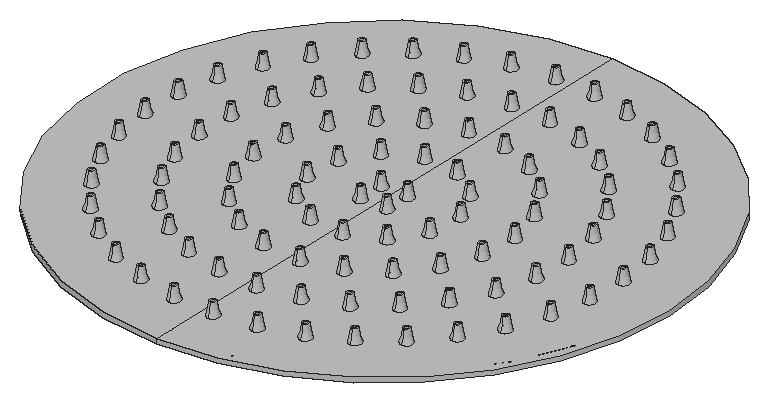
Revit family "Reece_Shower_Milli_Inox_Shower Head_300 mm", category Plumbing Fixtures, host Face, Revit 2018
Family settings
  Host = Face
  Round Connector Dimension = Use Diameter
  Part Type = Normal
  Cut with Voids When Loaded = No
  Shared = Yes
  Room Calculation Point = Yes
Parameters (values of type "Brushed Stainless Steel")
  WFU = 0  # constant formula
  URL = "https://www.reece.com.au/product/-2263364"
  Type Comments = "Shower"
  Reece_Tap_Inlet = 12 mm  # constant formula
  Reece_Product_Web Page = "https://www.reece.com.au/product/-2263364"
  Reece_Product_Type = "Shower"  # constant formula
  Reece_Product_Sub Brand = "Inox"  # constant formula
  Reece_Product_Number = "2263364"
  Reece_Product_Mount = "Ceiling Mounted"
  Reece_Product_Description = "Milli Inox Shower Head 300mm (3 Star)"
  Reece_Product_Brand = "Milli"  # constant formula
  Reece_Overall_Height = 47.5 mm  # constant formula
  Reece_Overall_Diameter = 300 mm  # constant formula
  Reece_Material_Main = Reece_Brass_Brushed Stainless Steel
  Reece_Detail_Shape = "Round"  # constant formula
  Reece_Detail_Disclaimer = "THIS FILE IS THE PROPERTY OF THE REECE GROUP. IT MAY NOT BE REPRODUCED, REVERSE-ENGINEERED OR MODIFIED. ANY REPUBLICATION, TRANSMISSION OR DISTRIBUTION FOR THE PURPOSE OF COMMERCIALLY EXPLOITING THE FILES IS PROHIBITED."  # constant formula
  Reece_Detail_Additional = "Shower Head"  # constant formula
  Model = "Inox"
  Manufacturer = "Milli"
  Keynote = "Product #2263364, Reece_Shower_Milli_Inox_Shower Head_300 mm - Brushed Stainless Steel"
  HWFU = 0  # constant formula
  Disclaimer = "THIS FILE IS THE PROPERTY OF THE REECE GROUP. IT MAY NOT BE REPRODUCED, REVERSE-ENGINEERED OR MODIFIED. ANY REPUBLICATION, TRANSMISSION OR DISTRIBUTION FOR THE PURPOSE OF COMMERCIALLY EXPLOITING THE FILES IS PROHIBITED."  # constant formula
  Description = "Milli Inox Shower Head 300mm (3 Star)"
  Default Elevation = 0 mm
  CWFU = 0  # constant formula
Reference planes
  plane 1 "Center (Front/Back)": y = 0
  plane 2: z = 0
  plane 3 "Center (Left/Right)": x = 0
  plane 4: x = -150
  plane 5: x = 150
  plane 6: y = 150
  plane 7: y = -150
  plane 8: z = 36
  plane 9: z = 47.5
Forms (mm)
  Revolve 1, solid, material "Reece_Brass_Brushed Stainless Steel" <- "Reece_Material_Main"
    sketch origin (0, 0, 35) x (0, 1, 0) y (0, 0, 1)
      loop
        line (0, 12.5) -> (0, 1) -> (128.143, 1) -> (142.002, 10) -> (150, 10) -> (150, 12.5) -> (0, 12.5)
      axis (0, 12.5) -> (0, 1)
    angle from 0 to 360
  Revolve 2, solid, material "Reece_Brass_Brushed Stainless Steel" <- "Reece_Material_Main"
    sketch origin (0, 0, 0) x (0, 1, 0) y (0, 0, 1)
      loop
        line (0, 0) -> (12, 0) -> (12, 10.5) -> (11, 10.5) -> (11, 12.5) -> (8.5, 12.5) -> (8.5, 15.5) -> (11, 16.666) -> (11, 18.5) -> (20, 18.5) -> (20, 36) -> (0, 36) -> (0, 0)
      axis (0, 36) -> (0, 0)
    angle from 0 to 360
  Revolve 3, solid, material "Reece_Brass_Brushed Stainless Steel" <- "Reece_Material_Main", detail levels fine
    sketch origin (-7.409, -52.486, 0) x (0, 1, 0) y (0, 0, 1)
      loop
        line (59.406, 47.5) -> (59.406, 53.464) -> (58.54, 53.464) -> (58.54, 54.266) -> (57.732, 54.266)
        arc (57.732, 54.266) -> (57.288, 50.832) -> (56.352, 47.5) r 23.819
        line (56.352, 47.5) -> (59.406, 47.5)
      axis (59.406, 47.5) -> (59.406, 54.266)
    angle from 0 to 360
  Revolve 4, solid, material "Reece_Brass_Brushed Stainless Steel" <- "Reece_Material_Main", detail levels fine
    sketch origin (-7.409, 52.798, 0) x (0, -1, 0) y (0, 0, -1)
      loop
        line (59.406, -47.5) -> (56.352, -47.5)
        arc (56.352, -47.5) -> (57.288, -50.832) -> (57.732, -54.266) r 23.819
        line (57.732, -54.266) -> (58.54, -54.266) -> (58.54, -53.464) -> (59.406, -53.464) -> (59.406, -47.5)
      axis (59.406, -47.5) -> (59.406, -54.266)
    angle from 0 to 360
  Revolve 5, solid, material "Reece_Brass_Brushed Stainless Steel" <- "Reece_Material_Main", detail levels fine
    sketch origin (6.472, -52.486, 0) x (0, 1, 0) y (0, 0, -1)
      loop
        line (59.406, -47.5) -> (56.352, -47.5)
        arc (56.352, -47.5) -> (57.288, -50.832) -> (57.732, -54.266) r 23.819
        line (57.732, -54.266) -> (58.54, -54.266) -> (58.54, -53.464) -> (59.406, -53.464) -> (59.406, -47.5)
      axis (59.406, -47.5) -> (59.406, -54.266)
    angle from 0 to 360
  Revolve 6, solid, material "Reece_Brass_Brushed Stainless Steel" <- "Reece_Material_Main", detail levels fine
    sketch origin (6.472, 52.798, 0) x (0, -1, 0) y (0, 0, 1)
      loop
        line (59.406, 47.5) -> (59.406, 53.464) -> (58.54, 53.464) -> (58.54, 54.266) -> (57.732, 54.266)
        arc (57.732, 54.266) -> (57.288, 50.832) -> (56.352, 47.5) r 23.819
        line (56.352, 47.5) -> (59.406, 47.5)
      axis (59.406, 47.5) -> (59.406, 54.266)
    angle from 0 to 360
  Revolve 7, solid, material "Reece_Brass_Brushed Stainless Steel" <- "Reece_Material_Main", detail levels fine
    sketch origin (-7.409, -23.767, 0) x (0, 1, 0) y (0, 0, 1)
      loop
        line (59.406, 47.5) -> (59.406, 53.464) -> (58.54, 53.464) -> (58.54, 54.266) -> (57.732, 54.266)
        arc (57.732, 54.266) -> (57.288, 50.832) -> (56.352, 47.5) r 23.819
        line (56.352, 47.5) -> (59.406, 47.5)
      axis (59.406, 47.5) -> (59.406, 54.266)
    angle from 0 to 360
  Revolve 8, solid, material "Reece_Brass_Brushed Stainless Steel" <- "Reece_Material_Main", detail levels fine
    sketch origin (-24.112, -31.811, 0) x (0, 1, 0) y (0, 0, 1)
      loop
        line (59.406, 47.5) -> (59.406, 53.464) -> (58.54, 53.464) -> (58.54, 54.266) -> (57.732, 54.266)
        arc (57.732, 54.266) -> (57.288, 50.832) -> (56.352, 47.5) r 23.819
        line (56.352, 47.5) -> (59.406, 47.5)
      axis (59.406, 47.5) -> (59.406, 54.266)
    angle from 0 to 360
  Revolve 9, solid, material "Reece_Brass_Brushed Stainless Steel" <- "Reece_Material_Main", detail levels fine
    sketch origin (-34.308, -47.149, 0) x (0, 1, 0) y (0, 0, 1)
      loop
        line (59.406, 47.5) -> (59.406, 53.464) -> (58.54, 53.464) -> (58.54, 54.266) -> (57.732, 54.266)
        arc (57.732, 54.266) -> (57.288, 50.832) -> (56.352, 47.5) r 23.819
        line (56.352, 47.5) -> (59.406, 47.5)
      axis (59.406, 47.5) -> (59.406, 54.266)
    angle from 0 to 360
  Revolve 10, solid, material "Reece_Brass_Brushed Stainless Steel" <- "Reece_Material_Main", detail levels fine
    sketch origin (-35.827, -65.642, 0) x (0, 1, 0) y (0, 0, 1)
      loop
        line (59.406, 47.5) -> (59.406, 53.464) -> (58.54, 53.464) -> (58.54, 54.266) -> (57.732, 54.266)
        arc (57.732, 54.266) -> (57.288, 50.832) -> (56.352, 47.5) r 23.819
        line (56.352, 47.5) -> (59.406, 47.5)
      axis (59.406, 47.5) -> (59.406, 54.266)
    angle from 0 to 360
  Revolve 11, solid, material "Reece_Brass_Brushed Stainless Steel" <- "Reece_Material_Main", detail levels fine
    sketch origin (-28.136, -82.545, 0) x (0, 1, 0) y (0, 0, 1)
      loop
        line (59.406, 47.5) -> (59.406, 53.464) -> (58.54, 53.464) -> (58.54, 54.266) -> (57.732, 54.266)
        arc (57.732, 54.266) -> (57.288, 50.832) -> (56.352, 47.5) r 23.819
        line (56.352, 47.5) -> (59.406, 47.5)
      axis (59.406, 47.5) -> (59.406, 54.266)
    angle from 0 to 360
  Revolve 12, solid, material "Reece_Brass_Brushed Stainless Steel" <- "Reece_Material_Main", detail levels fine
    sketch origin (-12.324, -92.938, 0) x (0, 1, 0) y (0, 0, 1)
      loop
        line (59.406, 47.5) -> (59.406, 53.464) -> (58.54, 53.464) -> (58.54, 54.266) -> (57.732, 54.266)
        arc (57.732, 54.266) -> (57.288, 50.832) -> (56.352, 47.5) r 23.819
        line (56.352, 47.5) -> (59.406, 47.5)
      axis (59.406, 47.5) -> (59.406, 54.266)
    angle from 0 to 360
  Revolve 13, solid, material "Reece_Brass_Brushed Stainless Steel" <- "Reece_Material_Main", detail levels fine
    sketch origin (11.204, -25.586, 0) x (0, 1, 0) y (0, 0, -1)
      loop
        line (59.406, -47.5) -> (56.352, -47.5)
        arc (56.352, -47.5) -> (57.288, -50.832) -> (57.732, -54.266) r 23.819
        line (57.732, -54.266) -> (58.54, -54.266) -> (58.54, -53.464) -> (59.406, -53.464) -> (59.406, -47.5)
      axis (59.406, -47.5) -> (59.406, -54.266)
    angle from 0 to 360
  Revolve 14, solid, material "Reece_Brass_Brushed Stainless Steel" <- "Reece_Material_Main", detail levels fine
    sketch origin (26.423, -36.237, 0) x (0, 1, 0) y (0, 0, -1)
      loop
        line (59.406, -47.5) -> (56.352, -47.5)
        arc (56.352, -47.5) -> (57.288, -50.832) -> (57.732, -54.266) r 23.819
        line (57.732, -54.266) -> (58.54, -54.266) -> (58.54, -53.464) -> (59.406, -53.464) -> (59.406, -47.5)
      axis (59.406, -47.5) -> (59.406, -54.266)
    angle from 0 to 360
  Revolve 15, solid, material "Reece_Brass_Brushed Stainless Steel" <- "Reece_Material_Main", detail levels fine
    sketch origin (34.357, -52.46, 0) x (0, 1, 0) y (0, 0, -1)
      loop
        line (59.406, -47.5) -> (56.352, -47.5)
        arc (56.352, -47.5) -> (57.288, -50.832) -> (57.732, -54.266) r 23.819
        line (57.732, -54.266) -> (58.54, -54.266) -> (58.54, -53.464) -> (59.406, -53.464) -> (59.406, -47.5)
      axis (59.406, -47.5) -> (59.406, -54.266)
    angle from 0 to 360
  Revolve 16, solid, material "Reece_Brass_Brushed Stainless Steel" <- "Reece_Material_Main", detail levels fine
    sketch origin (33, -71.015, 0) x (0, 1, 0) y (0, 0, -1)
      loop
        line (59.406, -47.5) -> (56.352, -47.5)
        arc (56.352, -47.5) -> (57.288, -50.832) -> (57.732, -54.266) r 23.819
        line (57.732, -54.266) -> (58.54, -54.266) -> (58.54, -53.464) -> (59.406, -53.464) -> (59.406, -47.5)
      axis (59.406, -47.5) -> (59.406, -54.266)
    angle from 0 to 360
  Revolve 17, solid, material "Reece_Brass_Brushed Stainless Steel" <- "Reece_Material_Main", detail levels fine
    sketch origin (22.707, -86.221, 0) x (0, 1, 0) y (0, 0, -1)
      loop
        line (59.406, -47.5) -> (56.352, -47.5)
        arc (56.352, -47.5) -> (57.288, -50.832) -> (57.732, -54.266) r 23.819
        line (57.732, -54.266) -> (58.54, -54.266) -> (58.54, -53.464) -> (59.406, -53.464) -> (59.406, -47.5)
      axis (59.406, -47.5) -> (59.406, -54.266)
    angle from 0 to 360
  Revolve 18, solid, material "Reece_Brass_Brushed Stainless Steel" <- "Reece_Material_Main", detail levels fine
    sketch origin (5.821, -94.408, 0) x (0, 1, 0) y (0, 0, -1)
      loop
        line (59.406, -47.5) -> (56.352, -47.5)
        arc (56.352, -47.5) -> (57.288, -50.832) -> (57.732, -54.266) r 23.819
        line (57.732, -54.266) -> (58.54, -54.266) -> (58.54, -53.464) -> (59.406, -53.464) -> (59.406, -47.5)
      axis (59.406, -47.5) -> (59.406, -54.266)
    angle from 0 to 360
  Revolve 19, solid, material "Reece_Brass_Brushed Stainless Steel" <- "Reece_Material_Main", detail levels fine
    sketch origin (-7.114, 4.851, 0) x (0, 1, 0) y (0, 0, 1)
      loop
        line (59.406, 47.5) -> (59.406, 53.464) -> (58.54, 53.464) -> (58.54, 54.266) -> (57.732, 54.266)
        arc (57.732, 54.266) -> (57.288, 50.832) -> (56.352, 47.5) r 23.819
        line (56.352, 47.5) -> (59.406, 47.5)
      axis (59.406, 47.5) -> (59.406, 54.266)
    angle from 0 to 360
  Revolve 20, solid, material "Reece_Brass_Brushed Stainless Steel" <- "Reece_Material_Main", detail levels fine
    sketch origin (-26.349, -0.38, 0) x (0, 1, 0) y (0, 0, 1)
      loop
        line (59.406, 47.5) -> (59.406, 53.464) -> (58.54, 53.464) -> (58.54, 54.266) -> (57.732, 54.266)
        arc (57.732, 54.266) -> (57.288, 50.832) -> (56.352, 47.5) r 23.819
        line (56.352, 47.5) -> (59.406, 47.5)
      axis (59.406, 47.5) -> (59.406, 54.266)
    angle from 0 to 360
  Revolve 21, solid, material "Reece_Brass_Brushed Stainless Steel" <- "Reece_Material_Main", detail levels fine
    sketch origin (-43.122, -11.273, 0) x (0, 1, 0) y (0, 0, 1)
      loop
        line (59.406, 47.5) -> (59.406, 53.464) -> (58.54, 53.464) -> (58.54, 54.266) -> (57.732, 54.266)
        arc (57.732, 54.266) -> (57.288, 50.832) -> (56.352, 47.5) r 23.819
        line (56.352, 47.5) -> (59.406, 47.5)
      axis (59.406, 47.5) -> (59.406, 54.266)
    angle from 0 to 360
  Revolve 22, solid, material "Reece_Brass_Brushed Stainless Steel" <- "Reece_Material_Main", detail levels fine
    sketch origin (-56.027, -26.934, 0) x (0, 1, 0) y (0, 0, 1)
      loop
        line (59.406, 47.5) -> (59.406, 53.464) -> (58.54, 53.464) -> (58.54, 54.266) -> (57.732, 54.266)
        arc (57.732, 54.266) -> (57.288, 50.832) -> (56.352, 47.5) r 23.819
        line (56.352, 47.5) -> (59.406, 47.5)
      axis (59.406, 47.5) -> (59.406, 54.266)
    angle from 0 to 360
  Revolve 23, solid, material "Reece_Brass_Brushed Stainless Steel" <- "Reece_Material_Main", detail levels fine
    sketch origin (-63.195, -45.606, 0) x (0, 1, 0) y (0, 0, 1)
      loop
        line (59.406, 47.5) -> (59.406, 53.464) -> (58.54, 53.464) -> (58.54, 54.266) -> (57.732, 54.266)
        arc (57.732, 54.266) -> (57.288, 50.832) -> (56.352, 47.5) r 23.819
        line (56.352, 47.5) -> (59.406, 47.5)
      axis (59.406, 47.5) -> (59.406, 54.266)
    angle from 0 to 360
  Revolve 24, solid, material "Reece_Brass_Brushed Stainless Steel" <- "Reece_Material_Main", detail levels fine
    sketch origin (-64.241, -65.578, 0) x (0, 1, 0) y (0, 0, 1)
      loop
        line (59.406, 47.5) -> (59.406, 53.464) -> (58.54, 53.464) -> (58.54, 54.266) -> (57.732, 54.266)
        arc (57.732, 54.266) -> (57.288, 50.832) -> (56.352, 47.5) r 23.819
        line (56.352, 47.5) -> (59.406, 47.5)
      axis (59.406, 47.5) -> (59.406, 54.266)
    angle from 0 to 360
  Revolve 25, solid, material "Reece_Brass_Brushed Stainless Steel" <- "Reece_Material_Main", detail levels fine
    sketch origin (-59.095, -84.765, 0) x (0, 1, 0) y (0, 0, 1)
      loop
        line (59.406, 47.5) -> (59.406, 53.464) -> (58.54, 53.464) -> (58.54, 54.266) -> (57.732, 54.266)
        arc (57.732, 54.266) -> (57.288, 50.832) -> (56.352, 47.5) r 23.819
        line (56.352, 47.5) -> (59.406, 47.5)
      axis (59.406, 47.5) -> (59.406, 54.266)
    angle from 0 to 360
  Revolve 26, solid, material "Reece_Brass_Brushed Stainless Steel" <- "Reece_Material_Main", detail levels fine
    sketch origin (-48.193, -101.708, 0) x (0, 1, 0) y (0, 0, 1)
      loop
        line (59.406, 47.5) -> (59.406, 53.464) -> (58.54, 53.464) -> (58.54, 54.266) -> (57.732, 54.266)
        arc (57.732, 54.266) -> (57.288, 50.832) -> (56.352, 47.5) r 23.819
        line (56.352, 47.5) -> (59.406, 47.5)
      axis (59.406, 47.5) -> (59.406, 54.266)
    angle from 0 to 360
  Revolve 27, solid, material "Reece_Brass_Brushed Stainless Steel" <- "Reece_Material_Main", detail levels fine
    sketch origin (-32.691, -114.313, 0) x (0, 1, 0) y (0, 0, 1)
      loop
        line (59.406, 47.5) -> (59.406, 53.464) -> (58.54, 53.464) -> (58.54, 54.266) -> (57.732, 54.266)
        arc (57.732, 54.266) -> (57.288, 50.832) -> (56.352, 47.5) r 23.819
        line (56.352, 47.5) -> (59.406, 47.5)
      axis (59.406, 47.5) -> (59.406, 54.266)
    angle from 0 to 360
  Revolve 28, solid, material "Reece_Brass_Brushed Stainless Steel" <- "Reece_Material_Main", detail levels fine
    sketch origin (-14.024, -121.646, 0) x (0, 1, 0) y (0, 0, 1)
      loop
        line (59.406, 47.5) -> (59.406, 53.464) -> (58.54, 53.464) -> (58.54, 54.266) -> (57.732, 54.266)
        arc (57.732, 54.266) -> (57.288, 50.832) -> (56.352, 47.5) r 23.819
        line (56.352, 47.5) -> (59.406, 47.5)
      axis (59.406, 47.5) -> (59.406, 54.266)
    angle from 0 to 360
  Revolve 29, solid, material "Reece_Brass_Brushed Stainless Steel" <- "Reece_Material_Main", detail levels fine
    sketch origin (6.119, -122.76, 0) x (0, 1, 0) y (0, 0, 1)
      loop
        line (59.406, 47.5) -> (59.406, 53.464) -> (58.54, 53.464) -> (58.54, 54.266) -> (57.732, 54.266)
        arc (57.732, 54.266) -> (57.288, 50.832) -> (56.352, 47.5) r 23.819
        line (56.352, 47.5) -> (59.406, 47.5)
      axis (59.406, 47.5) -> (59.406, 54.266)
    angle from 0 to 360
  Revolve 30, solid, material "Reece_Brass_Brushed Stainless Steel" <- "Reece_Material_Main", detail levels fine
    sketch origin (25.26, -117.71, 0) x (0, 1, 0) y (0, 0, 1)
      loop
        line (59.406, 47.5) -> (59.406, 53.464) -> (58.54, 53.464) -> (58.54, 54.266) -> (57.732, 54.266)
        arc (57.732, 54.266) -> (57.288, 50.832) -> (56.352, 47.5) r 23.819
        line (56.352, 47.5) -> (59.406, 47.5)
      axis (59.406, 47.5) -> (59.406, 54.266)
    angle from 0 to 360
  Revolve 31, solid, material "Reece_Brass_Brushed Stainless Steel" <- "Reece_Material_Main", detail levels fine
    sketch origin (42.276, -106.745, 0) x (0, 1, 0) y (0, 0, 1)
      loop
        line (59.406, 47.5) -> (59.406, 53.464) -> (58.54, 53.464) -> (58.54, 54.266) -> (57.732, 54.266)
        arc (57.732, 54.266) -> (57.288, 50.832) -> (56.352, 47.5) r 23.819
        line (56.352, 47.5) -> (59.406, 47.5)
      axis (59.406, 47.5) -> (59.406, 54.266)
    angle from 0 to 360
  Revolve 32, solid, material "Reece_Brass_Brushed Stainless Steel" <- "Reece_Material_Main", detail levels fine
    sketch origin (54.764, -91.162, 0) x (0, 1, 0) y (0, 0, 1)
      loop
        line (59.406, 47.5) -> (59.406, 53.464) -> (58.54, 53.464) -> (58.54, 54.266) -> (57.732, 54.266)
        arc (57.732, 54.266) -> (57.288, 50.832) -> (56.352, 47.5) r 23.819
        line (56.352, 47.5) -> (59.406, 47.5)
      axis (59.406, 47.5) -> (59.406, 54.266)
    angle from 0 to 360
  Revolve 33, solid, material "Reece_Brass_Brushed Stainless Steel" <- "Reece_Material_Main", detail levels fine
    sketch origin (61.874, -72.539, 0) x (0, 1, 0) y (0, 0, 1)
      loop
        line (59.406, 47.5) -> (59.406, 53.464) -> (58.54, 53.464) -> (58.54, 54.266) -> (57.732, 54.266)
        arc (57.732, 54.266) -> (57.288, 50.832) -> (56.352, 47.5) r 23.819
        line (56.352, 47.5) -> (59.406, 47.5)
      axis (59.406, 47.5) -> (59.406, 54.266)
    angle from 0 to 360
  Revolve 34, solid, material "Reece_Brass_Brushed Stainless Steel" <- "Reece_Material_Main", detail levels fine
    sketch origin (62.949, -52.513, 0) x (0, 1, 0) y (0, 0, 1)
      loop
        line (59.406, 47.5) -> (59.406, 53.464) -> (58.54, 53.464) -> (58.54, 54.266) -> (57.732, 54.266)
        arc (57.732, 54.266) -> (57.288, 50.832) -> (56.352, 47.5) r 23.819
        line (56.352, 47.5) -> (59.406, 47.5)
      axis (59.406, 47.5) -> (59.406, 54.266)
    angle from 0 to 360
  Revolve 35, solid, material "Reece_Brass_Brushed Stainless Steel" <- "Reece_Material_Main", detail levels fine
    sketch origin (57.875, -33.224, 0) x (0, 1, 0) y (0, 0, 1)
      loop
        line (59.406, 47.5) -> (59.406, 53.464) -> (58.54, 53.464) -> (58.54, 54.266) -> (57.732, 54.266)
        arc (57.732, 54.266) -> (57.288, 50.832) -> (56.352, 47.5) r 23.819
        line (56.352, 47.5) -> (59.406, 47.5)
      axis (59.406, 47.5) -> (59.406, 54.266)
    angle from 0 to 360
  Revolve 36, solid, material "Reece_Brass_Brushed Stainless Steel" <- "Reece_Material_Main", detail levels fine
    sketch origin (47.073, -16.298, 0) x (0, 1, 0) y (0, 0, 1)
      loop
        line (59.406, 47.5) -> (59.406, 53.464) -> (58.54, 53.464) -> (58.54, 54.266) -> (57.732, 54.266)
        arc (57.732, 54.266) -> (57.288, 50.832) -> (56.352, 47.5) r 23.819
        line (56.352, 47.5) -> (59.406, 47.5)
      axis (59.406, 47.5) -> (59.406, 54.266)
    angle from 0 to 360
  Revolve 37, solid, material "Reece_Brass_Brushed Stainless Steel" <- "Reece_Material_Main", detail levels fine
    sketch origin (31.425, -3.635, 0) x (0, 1, 0) y (0, 0, 1)
      loop
        line (59.406, 47.5) -> (59.406, 53.464) -> (58.54, 53.464) -> (58.54, 54.266) -> (57.732, 54.266)
        arc (57.732, 54.266) -> (57.288, 50.832) -> (56.352, 47.5) r 23.819
        line (56.352, 47.5) -> (59.406, 47.5)
      axis (59.406, 47.5) -> (59.406, 54.266)
    angle from 0 to 360
  Revolve 38, solid, material "Reece_Brass_Brushed Stainless Steel" <- "Reece_Material_Main", detail levels fine
    sketch origin (12.803, 3.701, 0) x (0, 1, 0) y (0, 0, 1)
      loop
        line (59.406, 47.5) -> (59.406, 53.464) -> (58.54, 53.464) -> (58.54, 54.266) -> (57.732, 54.266)
        arc (57.732, 54.266) -> (57.288, 50.832) -> (56.352, 47.5) r 23.819
        line (56.352, 47.5) -> (59.406, 47.5)
      axis (59.406, 47.5) -> (59.406, 54.266)
    angle from 0 to 360
  Revolve 39, solid, material "Reece_Brass_Brushed Stainless Steel" <- "Reece_Material_Main", detail levels fine
    sketch origin (-7.114, 33.083, 0) x (0, 1, 0) y (0, 0, 1)
      loop
        line (59.406, 47.5) -> (59.406, 53.464) -> (58.54, 53.464) -> (58.54, 54.266) -> (57.732, 54.266)
        arc (57.732, 54.266) -> (57.288, 50.832) -> (56.352, 47.5) r 23.819
        line (56.352, 47.5) -> (59.406, 47.5)
      axis (59.406, 47.5) -> (59.406, 54.266)
    angle from 0 to 360
  Revolve 40, solid, material "Reece_Brass_Brushed Stainless Steel" <- "Reece_Material_Main", detail levels fine
    sketch origin (-27.483, 29.126, 0) x (0, 1, 0) y (0, 0, 1)
      loop
        line (59.406, 47.5) -> (59.406, 53.464) -> (58.54, 53.464) -> (58.54, 54.266) -> (57.732, 54.266)
        arc (57.732, 54.266) -> (57.288, 50.832) -> (56.352, 47.5) r 23.819
        line (56.352, 47.5) -> (59.406, 47.5)
      axis (59.406, 47.5) -> (59.406, 54.266)
    angle from 0 to 360
  Revolve 41, solid, material "Reece_Brass_Brushed Stainless Steel" <- "Reece_Material_Main", detail levels fine
    sketch origin (-46.584, 20.954, 0) x (0, 1, 0) y (0, 0, 1)
      loop
        line (59.406, 47.5) -> (59.406, 53.464) -> (58.54, 53.464) -> (58.54, 54.266) -> (57.732, 54.266)
        arc (57.732, 54.266) -> (57.288, 50.832) -> (56.352, 47.5) r 23.819
        line (56.352, 47.5) -> (59.406, 47.5)
      axis (59.406, 47.5) -> (59.406, 54.266)
    angle from 0 to 360
  Revolve 42, solid, material "Reece_Brass_Brushed Stainless Steel" <- "Reece_Material_Main", detail levels fine
    sketch origin (-63.603, 8.747, 0) x (0, 1, 0) y (0, 0, 1)
      loop
        line (59.406, 47.5) -> (59.406, 53.464) -> (58.54, 53.464) -> (58.54, 54.266) -> (57.732, 54.266)
        arc (57.732, 54.266) -> (57.288, 50.832) -> (56.352, 47.5) r 23.819
        line (56.352, 47.5) -> (59.406, 47.5)
      axis (59.406, 47.5) -> (59.406, 54.266)
    angle from 0 to 360
  Revolve 43, solid, material "Reece_Brass_Brushed Stainless Steel" <- "Reece_Material_Main", detail levels fine
    sketch origin (-76.907, -6.682, 0) x (0, 1, 0) y (0, 0, 1)
      loop
        line (59.406, 47.5) -> (59.406, 53.464) -> (58.54, 53.464) -> (58.54, 54.266) -> (57.732, 54.266)
        arc (57.732, 54.266) -> (57.288, 50.832) -> (56.352, 47.5) r 23.819
        line (56.352, 47.5) -> (59.406, 47.5)
      axis (59.406, 47.5) -> (59.406, 54.266)
    angle from 0 to 360
  Revolve 44, solid, material "Reece_Brass_Brushed Stainless Steel" <- "Reece_Material_Main", detail levels fine
    sketch origin (-86.606, -25.25, 0) x (0, 1, 0) y (0, 0, 1)
      loop
        line (59.406, 47.5) -> (59.406, 53.464) -> (58.54, 53.464) -> (58.54, 54.266) -> (57.732, 54.266)
        arc (57.732, 54.266) -> (57.288, 50.832) -> (56.352, 47.5) r 23.819
        line (56.352, 47.5) -> (59.406, 47.5)
      axis (59.406, 47.5) -> (59.406, 54.266)
    angle from 0 to 360
  Revolve 45, solid, material "Reece_Brass_Brushed Stainless Steel" <- "Reece_Material_Main", detail levels fine
    sketch origin (-92.166, -45.352, 0) x (0, 1, 0) y (0, 0, 1)
      loop
        line (59.406, 47.5) -> (59.406, 53.464) -> (58.54, 53.464) -> (58.54, 54.266) -> (57.732, 54.266)
        arc (57.732, 54.266) -> (57.288, 50.832) -> (56.352, 47.5) r 23.819
        line (56.352, 47.5) -> (59.406, 47.5)
      axis (59.406, 47.5) -> (59.406, 54.266)
    angle from 0 to 360
  Revolve 46, solid, material "Reece_Brass_Brushed Stainless Steel" <- "Reece_Material_Main", detail levels fine
    sketch origin (-92.61, -65.8, 0) x (0, 1, 0) y (0, 0, 1)
      loop
        line (59.406, 47.5) -> (59.406, 53.464) -> (58.54, 53.464) -> (58.54, 54.266) -> (57.732, 54.266)
        arc (57.732, 54.266) -> (57.288, 50.832) -> (56.352, 47.5) r 23.819
        line (56.352, 47.5) -> (59.406, 47.5)
      axis (59.406, 47.5) -> (59.406, 54.266)
    angle from 0 to 360
  Revolve 47, solid, material "Reece_Brass_Brushed Stainless Steel" <- "Reece_Material_Main", detail levels fine
    sketch origin (-88.87, -86.401, 0) x (0, 1, 0) y (0, 0, 1)
      loop
        line (59.406, 47.5) -> (59.406, 53.464) -> (58.54, 53.464) -> (58.54, 54.266) -> (57.732, 54.266)
        arc (57.732, 54.266) -> (57.288, 50.832) -> (56.352, 47.5) r 23.819
        line (56.352, 47.5) -> (59.406, 47.5)
      axis (59.406, 47.5) -> (59.406, 54.266)
    angle from 0 to 360
  Revolve 48, solid, material "Reece_Brass_Brushed Stainless Steel" <- "Reece_Material_Main", detail levels fine
    sketch origin (-80.862, -105.056, 0) x (0, 1, 0) y (0, 0, 1)
      loop
        line (59.406, 47.5) -> (59.406, 53.464) -> (58.54, 53.464) -> (58.54, 54.266) -> (57.732, 54.266)
        arc (57.732, 54.266) -> (57.288, 50.832) -> (56.352, 47.5) r 23.819
        line (56.352, 47.5) -> (59.406, 47.5)
      axis (59.406, 47.5) -> (59.406, 54.266)
    angle from 0 to 360
  Revolve 49, solid, material "Reece_Brass_Brushed Stainless Steel" <- "Reece_Material_Main", detail levels fine
    sketch origin (-68.483, -121.897, 0) x (0, 1, 0) y (0, 0, 1)
      loop
        line (59.406, 47.5) -> (59.406, 53.464) -> (58.54, 53.464) -> (58.54, 54.266) -> (57.732, 54.266)
        arc (57.732, 54.266) -> (57.288, 50.832) -> (56.352, 47.5) r 23.819
        line (56.352, 47.5) -> (59.406, 47.5)
      axis (59.406, 47.5) -> (59.406, 54.266)
    angle from 0 to 360
  Revolve 50, solid, material "Reece_Brass_Brushed Stainless Steel" <- "Reece_Material_Main", detail levels fine
    sketch origin (-52.721, -135.449, 0) x (0, 1, 0) y (0, 0, 1)
      loop
        line (59.406, 47.5) -> (59.406, 53.464) -> (58.54, 53.464) -> (58.54, 54.266) -> (57.732, 54.266)
        arc (57.732, 54.266) -> (57.288, 50.832) -> (56.352, 47.5) r 23.819
        line (56.352, 47.5) -> (59.406, 47.5)
      axis (59.406, 47.5) -> (59.406, 54.266)
    angle from 0 to 360
  Revolve 51, solid, material "Reece_Brass_Brushed Stainless Steel" <- "Reece_Material_Main", detail levels fine
    sketch origin (-34.572, -145.024, 0) x (0, 1, 0) y (0, 0, 1)
      loop
        line (59.406, 47.5) -> (59.406, 53.464) -> (58.54, 53.464) -> (58.54, 54.266) -> (57.732, 54.266)
        arc (57.732, 54.266) -> (57.288, 50.832) -> (56.352, 47.5) r 23.819
        line (56.352, 47.5) -> (59.406, 47.5)
      axis (59.406, 47.5) -> (59.406, 54.266)
    angle from 0 to 360
  Revolve 52, solid, material "Reece_Brass_Brushed Stainless Steel" <- "Reece_Material_Main", detail levels fine
    sketch origin (-14.476, -150.277, 0) x (0, 1, 0) y (0, 0, 1)
      loop
        line (59.406, 47.5) -> (59.406, 53.464) -> (58.54, 53.464) -> (58.54, 54.266) -> (57.732, 54.266)
        arc (57.732, 54.266) -> (57.288, 50.832) -> (56.352, 47.5) r 23.819
        line (56.352, 47.5) -> (59.406, 47.5)
      axis (59.406, 47.5) -> (59.406, 54.266)
    angle from 0 to 360
  Revolve 53, solid, material "Reece_Brass_Brushed Stainless Steel" <- "Reece_Material_Main", detail levels fine
    sketch origin (5.981, -151.185, 0) x (0, 1, 0) y (0, 0, 1)
      loop
        line (59.406, 47.5) -> (59.406, 53.464) -> (58.54, 53.464) -> (58.54, 54.266) -> (57.732, 54.266)
        arc (57.732, 54.266) -> (57.288, 50.832) -> (56.352, 47.5) r 23.819
        line (56.352, 47.5) -> (59.406, 47.5)
      axis (59.406, 47.5) -> (59.406, 54.266)
    angle from 0 to 360
  Revolve 54, solid, material "Reece_Brass_Brushed Stainless Steel" <- "Reece_Material_Main", detail levels fine
    sketch origin (26.333, -147.343, 0) x (0, 1, 0) y (0, 0, 1)
      loop
        line (59.406, 47.5) -> (59.406, 53.464) -> (58.54, 53.464) -> (58.54, 54.266) -> (57.732, 54.266)
        arc (57.732, 54.266) -> (57.288, 50.832) -> (56.352, 47.5) r 23.819
        line (56.352, 47.5) -> (59.406, 47.5)
      axis (59.406, 47.5) -> (59.406, 54.266)
    angle from 0 to 360
  Revolve 55, solid, material "Reece_Brass_Brushed Stainless Steel" <- "Reece_Material_Main", detail levels fine
    sketch origin (45.623, -139.26, 0) x (0, 1, 0) y (0, 0, 1)
      loop
        line (59.406, 47.5) -> (59.406, 53.464) -> (58.54, 53.464) -> (58.54, 54.266) -> (57.732, 54.266)
        arc (57.732, 54.266) -> (57.288, 50.832) -> (56.352, 47.5) r 23.819
        line (56.352, 47.5) -> (59.406, 47.5)
      axis (59.406, 47.5) -> (59.406, 54.266)
    angle from 0 to 360
  Revolve 56, solid, material "Reece_Brass_Brushed Stainless Steel" <- "Reece_Material_Main", detail levels fine
    sketch origin (62.06, -127.023, 0) x (0, 1, 0) y (0, 0, 1)
      loop
        line (59.406, 47.5) -> (59.406, 53.464) -> (58.54, 53.464) -> (58.54, 54.266) -> (57.732, 54.266)
        arc (57.732, 54.266) -> (57.288, 50.832) -> (56.352, 47.5) r 23.819
        line (56.352, 47.5) -> (59.406, 47.5)
      axis (59.406, 47.5) -> (59.406, 54.266)
    angle from 0 to 360
  Revolve 57, solid, material "Reece_Brass_Brushed Stainless Steel" <- "Reece_Material_Main", detail levels fine
    sketch origin (75.669, -111.41, 0) x (0, 1, 0) y (0, 0, 1)
      loop
        line (59.406, 47.5) -> (59.406, 53.464) -> (58.54, 53.464) -> (58.54, 54.266) -> (57.732, 54.266)
        arc (57.732, 54.266) -> (57.288, 50.832) -> (56.352, 47.5) r 23.819
        line (56.352, 47.5) -> (59.406, 47.5)
      axis (59.406, 47.5) -> (59.406, 54.266)
    angle from 0 to 360
  Revolve 58, solid, material "Reece_Brass_Brushed Stainless Steel" <- "Reece_Material_Main", detail levels fine
    sketch origin (85.42, -93.001, 0) x (0, 1, 0) y (0, 0, 1)
      loop
        line (59.406, 47.5) -> (59.406, 53.464) -> (58.54, 53.464) -> (58.54, 54.266) -> (57.732, 54.266)
        arc (57.732, 54.266) -> (57.288, 50.832) -> (56.352, 47.5) r 23.819
        line (56.352, 47.5) -> (59.406, 47.5)
      axis (59.406, 47.5) -> (59.406, 54.266)
    angle from 0 to 360
  Revolve 59, solid, material "Reece_Brass_Brushed Stainless Steel" <- "Reece_Material_Main", detail levels fine
    sketch origin (90.712, -73.18, 0) x (0, 1, 0) y (0, 0, 1)
      loop
        line (59.406, 47.5) -> (59.406, 53.464) -> (58.54, 53.464) -> (58.54, 54.266) -> (57.732, 54.266)
        arc (57.732, 54.266) -> (57.288, 50.832) -> (56.352, 47.5) r 23.819
        line (56.352, 47.5) -> (59.406, 47.5)
      axis (59.406, 47.5) -> (59.406, 54.266)
    angle from 0 to 360
  Revolve 60, solid, material "Reece_Brass_Brushed Stainless Steel" <- "Reece_Material_Main", detail levels fine
    sketch origin (91.534, -52.662, 0) x (0, 1, 0) y (0, 0, 1)
      loop
        line (59.406, 47.5) -> (59.406, 53.464) -> (58.54, 53.464) -> (58.54, 54.266) -> (57.732, 54.266)
        arc (57.732, 54.266) -> (57.288, 50.832) -> (56.352, 47.5) r 23.819
        line (56.352, 47.5) -> (59.406, 47.5)
      axis (59.406, 47.5) -> (59.406, 54.266)
    angle from 0 to 360
  Revolve 61, solid, material "Reece_Brass_Brushed Stainless Steel" <- "Reece_Material_Main", detail levels fine
    sketch origin (87.856, -31.985, 0) x (0, 1, 0) y (0, 0, 1)
      loop
        line (59.406, 47.5) -> (59.406, 53.464) -> (58.54, 53.464) -> (58.54, 54.266) -> (57.732, 54.266)
        arc (57.732, 54.266) -> (57.288, 50.832) -> (56.352, 47.5) r 23.819
        line (56.352, 47.5) -> (59.406, 47.5)
      axis (59.406, 47.5) -> (59.406, 54.266)
    angle from 0 to 360
  Revolve 62, solid, material "Reece_Brass_Brushed Stainless Steel" <- "Reece_Material_Main", detail levels fine
    sketch origin (79.875, -13.183, 0) x (0, 1, 0) y (0, 0, 1)
      loop
        line (59.406, 47.5) -> (59.406, 53.464) -> (58.54, 53.464) -> (58.54, 54.266) -> (57.732, 54.266)
        arc (57.732, 54.266) -> (57.288, 50.832) -> (56.352, 47.5) r 23.819
        line (56.352, 47.5) -> (59.406, 47.5)
      axis (59.406, 47.5) -> (59.406, 54.266)
    angle from 0 to 360
  Revolve 63, solid, material "Reece_Brass_Brushed Stainless Steel" <- "Reece_Material_Main", detail levels fine
    sketch origin (67.437, 3.687, 0) x (0, 1, 0) y (0, 0, 1)
      loop
        line (59.406, 47.5) -> (59.406, 53.464) -> (58.54, 53.464) -> (58.54, 54.266) -> (57.732, 54.266)
        arc (57.732, 54.266) -> (57.288, 50.832) -> (56.352, 47.5) r 23.819
        line (56.352, 47.5) -> (59.406, 47.5)
      axis (59.406, 47.5) -> (59.406, 54.266)
    angle from 0 to 360
  Revolve 64, solid, material "Reece_Brass_Brushed Stainless Steel" <- "Reece_Material_Main", detail levels fine
    sketch origin (51.645, 17.405, 0) x (0, 1, 0) y (0, 0, 1)
      loop
        line (59.406, 47.5) -> (59.406, 53.464) -> (58.54, 53.464) -> (58.54, 54.266) -> (57.732, 54.266)
        arc (57.732, 54.266) -> (57.288, 50.832) -> (56.352, 47.5) r 23.819
        line (56.352, 47.5) -> (59.406, 47.5)
      axis (59.406, 47.5) -> (59.406, 54.266)
    angle from 0 to 360
  Revolve 65, solid, material "Reece_Brass_Brushed Stainless Steel" <- "Reece_Material_Main", detail levels fine
    sketch origin (33.465, 26.988, 0) x (0, 1, 0) y (0, 0, 1)
      loop
        line (59.406, 47.5) -> (59.406, 53.464) -> (58.54, 53.464) -> (58.54, 54.266) -> (57.732, 54.266)
        arc (57.732, 54.266) -> (57.288, 50.832) -> (56.352, 47.5) r 23.819
        line (56.352, 47.5) -> (59.406, 47.5)
      axis (59.406, 47.5) -> (59.406, 54.266)
    angle from 0 to 360
  Revolve 66, solid, material "Reece_Brass_Brushed Stainless Steel" <- "Reece_Material_Main", detail levels fine
    sketch origin (13.47, 32.446, 0) x (0, 1, 0) y (0, 0, 1)
      loop
        line (59.406, 47.5) -> (59.406, 53.464) -> (58.54, 53.464) -> (58.54, 54.266) -> (57.732, 54.266)
        arc (57.732, 54.266) -> (57.288, 50.832) -> (56.352, 47.5) r 23.819
        line (56.352, 47.5) -> (59.406, 47.5)
      axis (59.406, 47.5) -> (59.406, 54.266)
    angle from 0 to 360
  Revolve 67, solid, material "Reece_Brass_Brushed Stainless Steel" <- "Reece_Material_Main", detail levels fine
    sketch origin (14.025, 61.15, 0) x (0, 1, 0) y (0, 0, 1)
      loop
        line (59.406, 47.5) -> (59.406, 53.464) -> (58.54, 53.464) -> (58.54, 54.266) -> (57.732, 54.266)
        arc (57.732, 54.266) -> (57.288, 50.832) -> (56.352, 47.5) r 23.819
        line (56.352, 47.5) -> (59.406, 47.5)
      axis (59.406, 47.5) -> (59.406, 54.266)
    angle from 0 to 360
  Revolve 68, solid, material "Reece_Brass_Brushed Stainless Steel" <- "Reece_Material_Main", detail levels fine
    sketch origin (34.556, 56.773, 0) x (0, 1, 0) y (0, 0, 1)
      loop
        line (59.406, 47.5) -> (59.406, 53.464) -> (58.54, 53.464) -> (58.54, 54.266) -> (57.732, 54.266)
        arc (57.732, 54.266) -> (57.288, 50.832) -> (56.352, 47.5) r 23.819
        line (56.352, 47.5) -> (59.406, 47.5)
      axis (59.406, 47.5) -> (59.406, 54.266)
    angle from 0 to 360
  Revolve 69, solid, material "Reece_Brass_Brushed Stainless Steel" <- "Reece_Material_Main", detail levels fine
    sketch origin (54.199, 48.902, 0) x (0, 1, 0) y (0, 0, 1)
      loop
        line (59.406, 47.5) -> (59.406, 53.464) -> (58.54, 53.464) -> (58.54, 54.266) -> (57.732, 54.266)
        arc (57.732, 54.266) -> (57.288, 50.832) -> (56.352, 47.5) r 23.819
        line (56.352, 47.5) -> (59.406, 47.5)
      axis (59.406, 47.5) -> (59.406, 54.266)
    angle from 0 to 360
  Revolve 70, solid, material "Reece_Brass_Brushed Stainless Steel" <- "Reece_Material_Main", detail levels fine
    sketch origin (72.187, 37.726, 0) x (0, 1, 0) y (0, 0, 1)
      loop
        line (59.406, 47.5) -> (59.406, 53.464) -> (58.54, 53.464) -> (58.54, 54.266) -> (57.732, 54.266)
        arc (57.732, 54.266) -> (57.288, 50.832) -> (56.352, 47.5) r 23.819
        line (56.352, 47.5) -> (59.406, 47.5)
      axis (59.406, 47.5) -> (59.406, 54.266)
    angle from 0 to 360
  Revolve 71, solid, material "Reece_Brass_Brushed Stainless Steel" <- "Reece_Material_Main", detail levels fine
    sketch origin (87.793, 23.62, 0) x (0, 1, 0) y (0, 0, 1)
      loop
        line (59.406, 47.5) -> (59.406, 53.464) -> (58.54, 53.464) -> (58.54, 54.266) -> (57.732, 54.266)
        arc (57.732, 54.266) -> (57.288, 50.832) -> (56.352, 47.5) r 23.819
        line (56.352, 47.5) -> (59.406, 47.5)
      axis (59.406, 47.5) -> (59.406, 54.266)
    angle from 0 to 360
  Revolve 72, solid, material "Reece_Brass_Brushed Stainless Steel" <- "Reece_Material_Main", detail levels fine
    sketch origin (100.516, 6.774, 0) x (0, 1, 0) y (0, 0, 1)
      loop
        line (59.406, 47.5) -> (59.406, 53.464) -> (58.54, 53.464) -> (58.54, 54.266) -> (57.732, 54.266)
        arc (57.732, 54.266) -> (57.288, 50.832) -> (56.352, 47.5) r 23.819
        line (56.352, 47.5) -> (59.406, 47.5)
      axis (59.406, 47.5) -> (59.406, 54.266)
    angle from 0 to 360
  Revolve 73, solid, material "Reece_Brass_Brushed Stainless Steel" <- "Reece_Material_Main", detail levels fine
    sketch origin (110.65, -11.446, 0) x (0, 1, 0) y (0, 0, 1)
      loop
        line (59.406, 47.5) -> (59.406, 53.464) -> (58.54, 53.464) -> (58.54, 54.266) -> (57.732, 54.266)
        arc (57.732, 54.266) -> (57.288, 50.832) -> (56.352, 47.5) r 23.819
        line (56.352, 47.5) -> (59.406, 47.5)
      axis (59.406, 47.5) -> (59.406, 54.266)
    angle from 0 to 360
  Revolve 74, solid, material "Reece_Brass_Brushed Stainless Steel" <- "Reece_Material_Main", detail levels fine
    sketch origin (117.46, -31.615, 0) x (0, 1, 0) y (0, 0, 1)
      loop
        line (59.406, 47.5) -> (59.406, 53.464) -> (58.54, 53.464) -> (58.54, 54.266) -> (57.732, 54.266)
        arc (57.732, 54.266) -> (57.288, 50.832) -> (56.352, 47.5) r 23.819
        line (56.352, 47.5) -> (59.406, 47.5)
      axis (59.406, 47.5) -> (59.406, 54.266)
    angle from 0 to 360
  Revolve 75, solid, material "Reece_Brass_Brushed Stainless Steel" <- "Reece_Material_Main", detail levels fine
    sketch origin (120.077, -52.459, 0) x (0, 1, 0) y (0, 0, 1)
      loop
        line (59.406, 47.5) -> (59.406, 53.464) -> (58.54, 53.464) -> (58.54, 54.266) -> (57.732, 54.266)
        arc (57.732, 54.266) -> (57.288, 50.832) -> (56.352, 47.5) r 23.819
        line (56.352, 47.5) -> (59.406, 47.5)
      axis (59.406, 47.5) -> (59.406, 54.266)
    angle from 0 to 360
  Revolve 76, solid, material "Reece_Brass_Brushed Stainless Steel" <- "Reece_Material_Main", detail levels fine
    sketch origin (119.223, -73.463, 0) x (0, 1, 0) y (0, 0, 1)
      loop
        line (59.406, 47.5) -> (59.406, 53.464) -> (58.54, 53.464) -> (58.54, 54.266) -> (57.732, 54.266)
        arc (57.732, 54.266) -> (57.288, 50.832) -> (56.352, 47.5) r 23.819
        line (56.352, 47.5) -> (59.406, 47.5)
      axis (59.406, 47.5) -> (59.406, 54.266)
    angle from 0 to 360
  Revolve 77, solid, material "Reece_Brass_Brushed Stainless Steel" <- "Reece_Material_Main", detail levels fine
    sketch origin (115.176, -94.073, 0) x (0, 1, 0) y (0, 0, 1)
      loop
        line (59.406, 47.5) -> (59.406, 53.464) -> (58.54, 53.464) -> (58.54, 54.266) -> (57.732, 54.266)
        arc (57.732, 54.266) -> (57.288, 50.832) -> (56.352, 47.5) r 23.819
        line (56.352, 47.5) -> (59.406, 47.5)
      axis (59.406, 47.5) -> (59.406, 54.266)
    angle from 0 to 360
  Revolve 78, solid, material "Reece_Brass_Brushed Stainless Steel" <- "Reece_Material_Main", detail levels fine
    sketch origin (107.355, -114.008, 0) x (0, 1, 0) y (0, 0, 1)
      loop
        line (59.406, 47.5) -> (59.406, 53.464) -> (58.54, 53.464) -> (58.54, 54.266) -> (57.732, 54.266)
        arc (57.732, 54.266) -> (57.288, 50.832) -> (56.352, 47.5) r 23.819
        line (56.352, 47.5) -> (59.406, 47.5)
      axis (59.406, 47.5) -> (59.406, 54.266)
    angle from 0 to 360
  Revolve 79, solid, material "Reece_Brass_Brushed Stainless Steel" <- "Reece_Material_Main", detail levels fine
    sketch origin (96.15, -131.681, 0) x (0, 1, 0) y (0, 0, 1)
      loop
        line (59.406, 47.5) -> (59.406, 53.464) -> (58.54, 53.464) -> (58.54, 54.266) -> (57.732, 54.266)
        arc (57.732, 54.266) -> (57.288, 50.832) -> (56.352, 47.5) r 23.819
        line (56.352, 47.5) -> (59.406, 47.5)
      axis (59.406, 47.5) -> (59.406, 54.266)
    angle from 0 to 360
  Revolve 80, solid, material "Reece_Brass_Brushed Stainless Steel" <- "Reece_Material_Main", detail levels fine
    sketch origin (82.035, -147.438, 0) x (0, 1, 0) y (0, 0, 1)
      loop
        line (59.406, 47.5) -> (59.406, 53.464) -> (58.54, 53.464) -> (58.54, 54.266) -> (57.732, 54.266)
        arc (57.732, 54.266) -> (57.288, 50.832) -> (56.352, 47.5) r 23.819
        line (56.352, 47.5) -> (59.406, 47.5)
      axis (59.406, 47.5) -> (59.406, 54.266)
    angle from 0 to 360
  Revolve 81, solid, material "Reece_Brass_Brushed Stainless Steel" <- "Reece_Material_Main", detail levels fine
    sketch origin (65.301, -160.485, 0) x (0, 1, 0) y (0, 0, 1)
      loop
        line (59.406, 47.5) -> (59.406, 53.464) -> (58.54, 53.464) -> (58.54, 54.266) -> (57.732, 54.266)
        arc (57.732, 54.266) -> (57.288, 50.832) -> (56.352, 47.5) r 23.819
        line (56.352, 47.5) -> (59.406, 47.5)
      axis (59.406, 47.5) -> (59.406, 54.266)
    angle from 0 to 360
  Revolve 82, solid, material "Reece_Brass_Brushed Stainless Steel" <- "Reece_Material_Main", detail levels fine
    sketch origin (47.005, -170.188, 0) x (0, 1, 0) y (0, 0, 1)
      loop
        line (59.406, 47.5) -> (59.406, 53.464) -> (58.54, 53.464) -> (58.54, 54.266) -> (57.732, 54.266)
        arc (57.732, 54.266) -> (57.288, 50.832) -> (56.352, 47.5) r 23.819
        line (56.352, 47.5) -> (59.406, 47.5)
      axis (59.406, 47.5) -> (59.406, 54.266)
    angle from 0 to 360
  Revolve 83, solid, material "Reece_Brass_Brushed Stainless Steel" <- "Reece_Material_Main", detail levels fine
    sketch origin (26.851, -176.659, 0) x (0, 1, 0) y (0, 0, 1)
      loop
        line (59.406, 47.5) -> (59.406, 53.464) -> (58.54, 53.464) -> (58.54, 54.266) -> (57.732, 54.266)
        arc (57.732, 54.266) -> (57.288, 50.832) -> (56.352, 47.5) r 23.819
        line (56.352, 47.5) -> (59.406, 47.5)
      axis (59.406, 47.5) -> (59.406, 54.266)
    angle from 0 to 360
  Revolve 84, solid, material "Reece_Brass_Brushed Stainless Steel" <- "Reece_Material_Main", detail levels fine
    sketch origin (5.845, -179.666, 0) x (0, 1, 0) y (0, 0, 1)
      loop
        line (59.406, 47.5) -> (59.406, 53.464) -> (58.54, 53.464) -> (58.54, 54.266) -> (57.732, 54.266)
        arc (57.732, 54.266) -> (57.288, 50.832) -> (56.352, 47.5) r 23.819
        line (56.352, 47.5) -> (59.406, 47.5)
      axis (59.406, 47.5) -> (59.406, 54.266)
    angle from 0 to 360
  Revolve 85, solid, material "Reece_Brass_Brushed Stainless Steel" <- "Reece_Material_Main", detail levels fine
    sketch origin (-15.092, -179.094, 0) x (0, 1, 0) y (0, 0, 1)
      loop
        line (59.406, 47.5) -> (59.406, 53.464) -> (58.54, 53.464) -> (58.54, 54.266) -> (57.732, 54.266)
        arc (57.732, 54.266) -> (57.288, 50.832) -> (56.352, 47.5) r 23.819
        line (56.352, 47.5) -> (59.406, 47.5)
      axis (59.406, 47.5) -> (59.406, 54.266)
    angle from 0 to 360
  Revolve 86, solid, material "Reece_Brass_Brushed Stainless Steel" <- "Reece_Material_Main", detail levels fine
    sketch origin (-35.908, -174.855, 0) x (0, 1, 0) y (0, 0, 1)
      loop
        line (59.406, 47.5) -> (59.406, 53.464) -> (58.54, 53.464) -> (58.54, 54.266) -> (57.732, 54.266)
        arc (57.732, 54.266) -> (57.288, 50.832) -> (56.352, 47.5) r 23.819
        line (56.352, 47.5) -> (59.406, 47.5)
      axis (59.406, 47.5) -> (59.406, 54.266)
    angle from 0 to 360
  Revolve 87, solid, material "Reece_Brass_Brushed Stainless Steel" <- "Reece_Material_Main", detail levels fine
    sketch origin (-55.373, -167.105, 0) x (0, 1, 0) y (0, 0, 1)
      loop
        line (59.406, 47.5) -> (59.406, 53.464) -> (58.54, 53.464) -> (58.54, 54.266) -> (57.732, 54.266)
        arc (57.732, 54.266) -> (57.288, 50.832) -> (56.352, 47.5) r 23.819
        line (56.352, 47.5) -> (59.406, 47.5)
      axis (59.406, 47.5) -> (59.406, 54.266)
    angle from 0 to 360
  Revolve 88, solid, material "Reece_Brass_Brushed Stainless Steel" <- "Reece_Material_Main", detail levels fine
    sketch origin (-73.382, -155.806, 0) x (0, 1, 0) y (0, 0, 1)
      loop
        line (59.406, 47.5) -> (59.406, 53.464) -> (58.54, 53.464) -> (58.54, 54.266) -> (57.732, 54.266)
        arc (57.732, 54.266) -> (57.288, 50.832) -> (56.352, 47.5) r 23.819
        line (56.352, 47.5) -> (59.406, 47.5)
      axis (59.406, 47.5) -> (59.406, 54.266)
    angle from 0 to 360
  Revolve 89, solid, material "Reece_Brass_Brushed Stainless Steel" <- "Reece_Material_Main", detail levels fine
    sketch origin (-88.966, -141.657, 0) x (0, 1, 0) y (0, 0, 1)
      loop
        line (59.406, 47.5) -> (59.406, 53.464) -> (58.54, 53.464) -> (58.54, 54.266) -> (57.732, 54.266)
        arc (57.732, 54.266) -> (57.288, 50.832) -> (56.352, 47.5) r 23.819
        line (56.352, 47.5) -> (59.406, 47.5)
      axis (59.406, 47.5) -> (59.406, 54.266)
    angle from 0 to 360
  Revolve 90, solid, material "Reece_Brass_Brushed Stainless Steel" <- "Reece_Material_Main", detail levels fine
    sketch origin (-101.941, -124.947, 0) x (0, 1, 0) y (0, 0, 1)
      loop
        line (59.406, 47.5) -> (59.406, 53.464) -> (58.54, 53.464) -> (58.54, 54.266) -> (57.732, 54.266)
        arc (57.732, 54.266) -> (57.288, 50.832) -> (56.352, 47.5) r 23.819
        line (56.352, 47.5) -> (59.406, 47.5)
      axis (59.406, 47.5) -> (59.406, 54.266)
    angle from 0 to 360
  Revolve 91, solid, material "Reece_Brass_Brushed Stainless Steel" <- "Reece_Material_Main", detail levels fine
    sketch origin (-111.917, -106.53, 0) x (0, 1, 0) y (0, 0, 1)
      loop
        line (59.406, 47.5) -> (59.406, 53.464) -> (58.54, 53.464) -> (58.54, 54.266) -> (57.732, 54.266)
        arc (57.732, 54.266) -> (57.288, 50.832) -> (56.352, 47.5) r 23.819
        line (56.352, 47.5) -> (59.406, 47.5)
      axis (59.406, 47.5) -> (59.406, 54.266)
    angle from 0 to 360
  Revolve 92, solid, material "Reece_Brass_Brushed Stainless Steel" <- "Reece_Material_Main", detail levels fine
    sketch origin (-118.256, -86.463, 0) x (0, 1, 0) y (0, 0, 1)
      loop
        line (59.406, 47.5) -> (59.406, 53.464) -> (58.54, 53.464) -> (58.54, 54.266) -> (57.732, 54.266)
        arc (57.732, 54.266) -> (57.288, 50.832) -> (56.352, 47.5) r 23.819
        line (56.352, 47.5) -> (59.406, 47.5)
      axis (59.406, 47.5) -> (59.406, 54.266)
    angle from 0 to 360
  Revolve 93, solid, material "Reece_Brass_Brushed Stainless Steel" <- "Reece_Material_Main", detail levels fine
    sketch origin (-121.19, -65.64, 0) x (0, 1, 0) y (0, 0, 1)
      loop
        line (59.406, 47.5) -> (59.406, 53.464) -> (58.54, 53.464) -> (58.54, 54.266) -> (57.732, 54.266)
        arc (57.732, 54.266) -> (57.288, 50.832) -> (56.352, 47.5) r 23.819
        line (56.352, 47.5) -> (59.406, 47.5)
      axis (59.406, 47.5) -> (59.406, 54.266)
    angle from 0 to 360
  Revolve 94, solid, material "Reece_Brass_Brushed Stainless Steel" <- "Reece_Material_Main", detail levels fine
    sketch origin (-120.559, -44.444, 0) x (0, 1, 0) y (0, 0, 1)
      loop
        line (59.406, 47.5) -> (59.406, 53.464) -> (58.54, 53.464) -> (58.54, 54.266) -> (57.732, 54.266)
        arc (57.732, 54.266) -> (57.288, 50.832) -> (56.352, 47.5) r 23.819
        line (56.352, 47.5) -> (59.406, 47.5)
      axis (59.406, 47.5) -> (59.406, 54.266)
    angle from 0 to 360
  Revolve 95, solid, material "Reece_Brass_Brushed Stainless Steel" <- "Reece_Material_Main", detail levels fine
    sketch origin (-116.304, -23.879, 0) x (0, 1, 0) y (0, 0, 1)
      loop
        line (59.406, 47.5) -> (59.406, 53.464) -> (58.54, 53.464) -> (58.54, 54.266) -> (57.732, 54.266)
        arc (57.732, 54.266) -> (57.288, 50.832) -> (56.352, 47.5) r 23.819
        line (56.352, 47.5) -> (59.406, 47.5)
      axis (59.406, 47.5) -> (59.406, 54.266)
    angle from 0 to 360
  Revolve 96, solid, material "Reece_Brass_Brushed Stainless Steel" <- "Reece_Material_Main", detail levels fine
    sketch origin (-108.324, -4.223, 0) x (0, 1, 0) y (0, 0, 1)
      loop
        line (59.406, 47.5) -> (59.406, 53.464) -> (58.54, 53.464) -> (58.54, 54.266) -> (57.732, 54.266)
        arc (57.732, 54.266) -> (57.288, 50.832) -> (56.352, 47.5) r 23.819
        line (56.352, 47.5) -> (59.406, 47.5)
      axis (59.406, 47.5) -> (59.406, 54.266)
    angle from 0 to 360
  Revolve 97, solid, material "Reece_Brass_Brushed Stainless Steel" <- "Reece_Material_Main", detail levels fine
    sketch origin (-97.295, 13.616, 0) x (0, 1, 0) y (0, 0, 1)
      loop
        line (59.406, 47.5) -> (59.406, 53.464) -> (58.54, 53.464) -> (58.54, 54.266) -> (57.732, 54.266)
        arc (57.732, 54.266) -> (57.288, 50.832) -> (56.352, 47.5) r 23.819
        line (56.352, 47.5) -> (59.406, 47.5)
      axis (59.406, 47.5) -> (59.406, 54.266)
    angle from 0 to 360
  Revolve 98, solid, material "Reece_Brass_Brushed Stainless Steel" <- "Reece_Material_Main", detail levels fine
    sketch origin (-83.04, 29.444, 0) x (0, 1, 0) y (0, 0, 1)
      loop
        line (59.406, 47.5) -> (59.406, 53.464) -> (58.54, 53.464) -> (58.54, 54.266) -> (57.732, 54.266)
        arc (57.732, 54.266) -> (57.288, 50.832) -> (56.352, 47.5) r 23.819
        line (56.352, 47.5) -> (59.406, 47.5)
      axis (59.406, 47.5) -> (59.406, 54.266)
    angle from 0 to 360
  Revolve 99, solid, material "Reece_Brass_Brushed Stainless Steel" <- "Reece_Material_Main", detail levels fine
    sketch origin (-66.551, 42.43, 0) x (0, 1, 0) y (0, 0, 1)
      loop
        line (59.406, 47.5) -> (59.406, 53.464) -> (58.54, 53.464) -> (58.54, 54.266) -> (57.732, 54.266)
        arc (57.732, 54.266) -> (57.288, 50.832) -> (56.352, 47.5) r 23.819
        line (56.352, 47.5) -> (59.406, 47.5)
      axis (59.406, 47.5) -> (59.406, 54.266)
    angle from 0 to 360
  Revolve 100, solid, material "Reece_Brass_Brushed Stainless Steel" <- "Reece_Material_Main", detail levels fine
    sketch origin (-47.877, 52.506, 0) x (0, 1, 0) y (0, 0, 1)
      loop
        line (59.406, 47.5) -> (59.406, 53.464) -> (58.54, 53.464) -> (58.54, 54.266) -> (57.732, 54.266)
        arc (57.732, 54.266) -> (57.288, 50.832) -> (56.352, 47.5) r 23.819
        line (56.352, 47.5) -> (59.406, 47.5)
      axis (59.406, 47.5) -> (59.406, 54.266)
    angle from 0 to 360
  Revolve 101, solid, material "Reece_Brass_Brushed Stainless Steel" <- "Reece_Material_Main", detail levels fine
    sketch origin (-28.077, 58.851, 0) x (0, 1, 0) y (0, 0, 1)
      loop
        line (59.406, 47.5) -> (59.406, 53.464) -> (58.54, 53.464) -> (58.54, 54.266) -> (57.732, 54.266)
        arc (57.732, 54.266) -> (57.288, 50.832) -> (56.352, 47.5) r 23.819
        line (56.352, 47.5) -> (59.406, 47.5)
      axis (59.406, 47.5) -> (59.406, 54.266)
    angle from 0 to 360
  Revolve 102, solid, material "Reece_Brass_Brushed Stainless Steel" <- "Reece_Material_Main", detail levels fine
    sketch origin (-6.958, 61.956, 0) x (0, 1, 0) y (0, 0, 1)
      loop
        line (59.406, 47.5) -> (59.406, 53.464) -> (58.54, 53.464) -> (58.54, 54.266) -> (57.732, 54.266)
        arc (57.732, 54.266) -> (57.288, 50.832) -> (56.352, 47.5) r 23.819
        line (56.352, 47.5) -> (59.406, 47.5)
      axis (59.406, 47.5) -> (59.406, 54.266)
    angle from 0 to 360
  Extrusion 103, void
    sketch origin (0, 0, 0) x (1, 0, 0) y (0, 0, 1)
      loop
        line (-10, 0) -> (-10, 5) -> (-17, 5) -> (-17, 0) -> (-10, 0)
      loop
        line (10, 0) -> (17, 0) -> (17, 5) -> (10, 5) -> (10, 0)
    from -4.467 to 4.404
Cuts and joins
  Extrusion 103 cuts Revolve 2
  joined: Revolve 1, Revolve 2
Text (mm)
  text "Reece Copyright © 2018, Reece Ltd." at (-323.41, -223.434, 0), in view "Ref. Level"
  text "Reece ©" at (290.323, 26.521, 334.836), in view "Reece_Preview"
Dimensions and locks
  equal spacing: plane 7, plane 1 "Center (Front/Back)", plane 6
  Revolve 1 to Revolve 1 = 300 mm
  equal spacing: plane 4, plane 3 "Center (Left/Right)", plane 5
  "Reece_Overall_Diameter": plane 4 to plane 5
  "Reece_Overall_Height": plane 9 to level
  plane 5 to plane 4 = 300 mm
  plane 6 to plane 7 = 300 mm
  plane 7 to plane 6 = 300 mm
  plane 4 to plane 5 = 300 mm
  plane 8 to plane 9 = 11.5 mm
  cut or joined group of Revolve 1, Revolve 2, Extrusion 103 to cut or joined group of Revolve 1, Revolve 2, Extrusion 103 to plane 9 = 9 mm, 2.5 mm
  plane 9 to cut or joined group of Revolve 1, Revolve 2, Extrusion 103 to cut or joined group of Revolve 1, Revolve 2, Extrusion 103 = 2.5 mm, 9 mm
  plane 9 to plane 8 = 11.5 mm
  aligned and locked: plane 2 to host face
  aligned and locked: level to host face
  aligned and locked: Revolve 1 sketch curve to plane 1 "Center (Front/Back)"
  aligned and locked: plane 6 to Revolve 1 sketch curve
Automatic sketch dimensions
  host sketch curve to host sketch curve = 407.898 mm
  host sketch curve to host sketch curve = 410.737 mm
  Revolve 1 sketch curve to plane 1 "Center (Front/Back)" = 0 mm
  plane 8 to Revolve 1 sketch curve = 0 mm
  Revolve 1 sketch curve to plane 9 = 0 mm
  Revolve 1 sketch curve to plane 6 = 21.857 mm
  plane 9 to Revolve 1 sketch curve = 2.5 mm
  Revolve 1 sketch curve to plane 6 = 7.998 mm
  Revolve 1 sketch curve to level = 19.956 mm
  Revolve 1 sketch curve to Revolve 1 sketch curve = 93.544 mm
  Revolve 2 sketch curve to level = 0 mm
  Revolve 2 sketch curve to plane 1 "Center (Front/Back)" = 0 mm  (x2)
  plane 8 to Revolve 2 sketch curve = 0 mm
  Revolve 2 sketch curve to plane 1 "Center (Front/Back)" = 8.5 mm
  Revolve 2 sketch curve to Revolve 2 sketch curve = 2.5 mm  (x2)
  Revolve 2 sketch curve to Revolve 2 sketch curve = 1 mm
  Revolve 2 sketch curve to Revolve 2 sketch curve = 9 mm
  Revolve 2 sketch curve to Revolve 2 sketch curve = 10.5 mm
  Revolve 2 sketch curve to Revolve 2 sketch curve = 2 mm
  Revolve 2 sketch curve to Revolve 2 sketch curve = 3 mm
  Revolve 2 sketch curve to Revolve 2 sketch curve = 1.166 mm
  Revolve 2 sketch curve to Revolve 2 sketch curve = 1.834 mm
  Revolve 2 sketch curve to level = 18.103 mm
  Revolve 2 sketch curve to plane 9 = 2.648 mm
  Revolve 3 sketch curve to plane 9 = 0 mm  (x2)
  Revolve 3 sketch curve to plane 9 = 8.093 mm
  plane 1 "Center (Front/Back)" to Revolve 3 sketch curve = 18.536 mm
  Revolve 3 sketch curve to plane 1 "Center (Front/Back)" = 3.866 mm
  Revolve 3 sketch curve to plane 1 "Center (Front/Back)" = 5.246 mm
  Revolve 3 sketch curve to Revolve 3 sketch curve = 0.808 mm
  Revolve 3 sketch curve to Revolve 3 sketch curve = 3.055 mm
  Revolve 3 sketch curve to Revolve 3 sketch curve = 0.802 mm
  Revolve 3 sketch curve to Revolve 3 sketch curve = 0 mm  (x2)
  Revolve 4 sketch curve to plane 9 = 0 mm  (x2)
  Revolve 4 sketch curve to plane 9 = 8.093 mm
  Revolve 4 sketch curve to plane 1 "Center (Front/Back)" = 18.848 mm
  plane 1 "Center (Front/Back)" to Revolve 4 sketch curve = 3.553 mm
  plane 1 "Center (Front/Back)" to Revolve 4 sketch curve = 4.933 mm
  Revolve 4 sketch curve to Revolve 4 sketch curve = 0.808 mm
  Revolve 4 sketch curve to Revolve 4 sketch curve = 3.055 mm
  Revolve 4 sketch curve to Revolve 4 sketch curve = 0.802 mm
  Revolve 4 sketch curve to Revolve 4 sketch curve = 0 mm  (x2)
  plane 9 to Revolve 5 sketch curve = 0 mm  (x2)
  Revolve 5 sketch curve to plane 9 = 8.093 mm
  plane 1 "Center (Front/Back)" to Revolve 5 sketch curve = 18.536 mm
  Revolve 5 sketch curve to plane 1 "Center (Front/Back)" = 3.866 mm
  Revolve 5 sketch curve to plane 1 "Center (Front/Back)" = 5.246 mm
  Revolve 5 sketch curve to Revolve 5 sketch curve = 0.808 mm
  Revolve 5 sketch curve to Revolve 5 sketch curve = 3.055 mm
  Revolve 5 sketch curve to Revolve 5 sketch curve = 0.802 mm
  Revolve 5 sketch curve to Revolve 5 sketch curve = 0 mm  (x2)
  plane 9 to Revolve 6 sketch curve = 0 mm  (x2)
  Revolve 6 sketch curve to plane 9 = 8.093 mm
  Revolve 6 sketch curve to plane 1 "Center (Front/Back)" = 18.848 mm
  plane 1 "Center (Front/Back)" to Revolve 6 sketch curve = 3.553 mm
